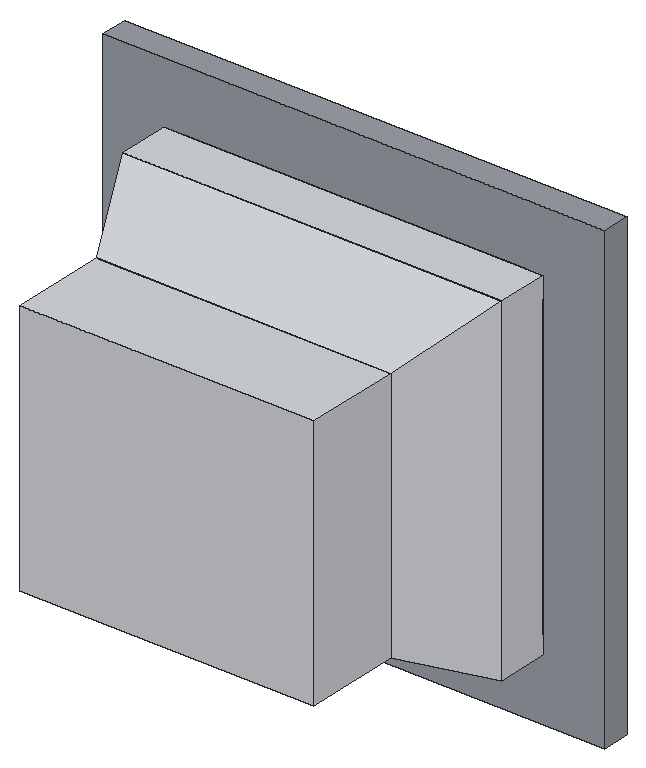
Revit family "BRG-GRF-DCH_Dub+íi Jet de Ducha Cromo", category Aparatos sanitarios, Revit 2020
Family settings
  Anfitrión = Muro
  Cota de conector redondo = Diámetro de uso
  Tipo de pieza = Normal
  Número OmniClass = 23.45.00.00
  Título OmniClass = Sanitary, Laundry, and Cleaning Equipment
  Siempre vertical = Sí
  Corte con vacíos al cargar = No
  Compartido = No
  Punto de cálculo de habitación = No
Parameters (values of type "DUBÁI JET PARA DUCHA")
  _EDESA_ Tipo de instalación = "Empotrado a la pared"
  _EDESA_ Sku/código = "SG0050043061CW"
  _EDESA_ Página web = ""
  _EDESA_ Profundidad en cm = "7.2"
  _EDESA_ Productos necesarios para instalación = "Mezcladora de ducha"
  _EDESA_ Productos incluídos = ""
  _EDESA_ Peso en kg = ""
  _EDESA_ Nombre = "DUBÁI JET PARA DUCHA"
  _EDESA_ Materiales = "Latón"
  _EDESA_ Garantía = "De por vida para el cuerpo principal y acabado en cromo (306)"
  _EDESA_ Distancia de instalación en cm (muro terminado) = ""
  _EDESA_ Descripción = "Jet para ducha. Diseño ultramoderno con tecnología de vanguardia"
  _EDESA_ Cumple normativa ADA = ""
  _EDESA_ Contacto comercial = "(02) 395 2900"
  _EDESA_ Consumo/capacidad de agua en L = "9.5 litros por minuto / 2.5 gpm"
  _EDESA_ Conexión hidráulica = "Entrada de agua: tubería ø 1/2\""
  _EDESA_ Color = "cromo"
  _EDESA_ Certificación = "Cumple con norma NTE - INEN 3123 basada en la norma ASME 112.18.1 - 2012."
  _EDESA_ Categoría = "Productos > Grifería > Ducha"
  _EDESA_ BIM Manager = "Arq. Milton Ruano"
  _EDESA_ Autor BIM = "www.bimplus.com.ec (bimplus.arquitectura.integrada@gmail.com)"
  _EDESA_ Ancho en cm = "13"
  _EDESA_ Alto en cm = "12"
  URL = "https://www.briggs.com.ec/productos/fichastecnicaspdf/Briggs/Griferia/Dubai_jet_ducha.pdf"
  Modelo = "DUBÁI JET PARA DUCHA"
  Fabricante = "BRIGGS Ecuador"
  Elevación por defecto = 0.00 m
Reference planes (m)
  plane 1: y = 0
  plane 2 "Centro (Izquierda/Derecha)": x = 0.125
  plane 3 "Posterior": y = 0.075
Text (m)
  text "Cara de colocación" at (-1.787139, 0.59235, 0), in view "Nivel de referencia"
  text "Cara de colocación" at (0, 1.827695, 2.917686), in view "Izquierda"
  text "Cara de colocación" at (0, 0.562268, 3.853606), in view "Derecha"
Dimensions and locks (m)
  locked: plane 3 "Posterior" to host wall
  aligned and locked: host wall to plane 1
  aligned and locked: plane 3 "Posterior" to nested 1
  aligned and locked: nested 1 to plane 2 "Centro (Izquierda/Derecha)"
Nested families (m)
  nested 1: "Familia1" at (0.125, 0.075, 0), type "Familia1"
Connectors (m)
  piping at (0.087, 0.027, 0.6), diameter 0.0125
    settings: on nested 1, index 1, connector inside diameter 609.6 mm, connector length 0.00 m, flow factor 0, pipe flow 0.0 L/s, pressure drop 0.0 Pa, fitting loss kfactor 0, connector angle 0.00°, fixture units 0, engagement length 0.00 m, angle of deflection 0.00°, flow configuration 0, flow direction 0, fitting loss method 0, system type 7, joint type 0, gender type 0, connector reference index -1, connector utility 0, adjustable connector no, is connector primary yes, connector description ""
  piping at (0.125, 0.027, 0.633), diameter 0.0125
    settings: on nested 1, index 2, connector inside diameter 609.6 mm, connector length 0.00 m, flow factor 0, pipe flow 0.0 L/s, pressure drop 0.0 Pa, fitting loss kfactor 0, connector angle 0.00°, fixture units 0, engagement length 0.00 m, angle of deflection 0.00°, flow configuration 0, flow direction 0, fitting loss method 0, system type 7, joint type 0, gender type 0, connector reference index -1, connector utility 0, adjustable connector no, is connector primary no, connector description ""
Definition of nested family "Familia1"
  Parameters
    Default Elevation = 0.00 m
  Reference planes (m)
    plane 1 "Centro (Frontal/Posterior)": y = 0
    plane 2: z = 0
    plane 3 "Centro (Izquierda/Derecha)": x = 0
  Forms (m)
    Extrusion 1, solid
      sketch origin (0.125, 0.065, 0) x (0, 0, -1) y (-1, 0, 0)
        loop
          line (-0.66, 0.06) -> (-0.54, 0.06) -> (-0.54, 0.19) -> (-0.66, 0.19) -> (-0.66, 0.06)
        loop
          line (-0.644, 0.169) -> (-0.644, 0.081)
          arc (-0.644, 0.081) -> (-0.642536, 0.077464) -> (-0.639, 0.076) r 0.005
          line (-0.639, 0.076) -> (-0.561, 0.076)
          arc (-0.561, 0.076) -> (-0.557464, 0.077464) -> (-0.556, 0.081) r 0.005
          line (-0.556, 0.081) -> (-0.556, 0.169)
          arc (-0.556, 0.169) -> (-0.557464, 0.172536) -> (-0.561, 0.174) r 0.005
          line (-0.561, 0.174) -> (-0.639, 0.174)
          arc (-0.639, 0.174) -> (-0.642536, 0.172536) -> (-0.644, 0.169) r 0.005
      from -0.065 to -0.07203
    Extrusion 2, solid
      sketch origin (0.125, 0.065, 0) x (0, 0, -1) y (-1, 0, 0)
        loop
          line (-0.64, 0.08) -> (-0.56, 0.08) -> (-0.56, 0.17) -> (-0.64, 0.17) -> (-0.64, 0.08)
      from -0.065 to -0.07203
    Extrusion 3, solid
      sketch origin (0.125, 0.065, 0) x (0, 0, -1) y (-1, 0, 0)
        loop
          circle (-0.572, 0.161) r 0.002
        loop
          circle (-0.572, 0.161) r 0.001031
      from -0.07203 to -0.074386
    Extrusion 4, solid
      sketch origin (0.137, 0.065, 0) x (0, 0, -1) y (-1, 0, 0)
        loop
          circle (-0.572, 0.161) r 0.002
        loop
          circle (-0.572, 0.161) r 0.001031
      from -0.07203 to -0.074386
    Extrusion 5, solid
      sketch origin (0.149, 0.065, 0) x (0, 0, -1) y (-1, 0, 0)
        loop
          circle (-0.572, 0.161) r 0.002
        loop
          circle (-0.572, 0.161) r 0.001031
      from -0.07203 to -0.074386
    Extrusion 6, solid
      sketch origin (0.161, 0.065, 0) x (0, 0, -1) y (-1, 0, 0)
        loop
          circle (-0.572, 0.161) r 0.002
        loop
          circle (-0.572, 0.161) r 0.001031
      from -0.07203 to -0.074386
    Extrusion 7, solid
      sketch origin (0.173, 0.065, 0) x (0, 0, -1) y (-1, 0, 0)
        loop
          circle (-0.572, 0.161) r 0.002
        loop
          circle (-0.572, 0.161) r 0.001031
      from -0.07203 to -0.074386
    Extrusion 8, solid
      sketch origin (0.185, 0.065, 0) x (0, 0, -1) y (-1, 0, 0)
        loop
          circle (-0.572, 0.161) r 0.002
        loop
          circle (-0.572, 0.161) r 0.001031
      from -0.07203 to -0.074386
    Extrusion 9, solid
      sketch origin (0.197, 0.065, 0) x (0, 0, -1) y (-1, 0, 0)
        loop
          circle (-0.572, 0.161) r 0.002
        loop
          circle (-0.572, 0.161) r 0.001031
      from -0.07203 to -0.074386
    Extrusion 10, solid
      sketch origin (0.125, 0.065, 0.014) x (0, 0, -1) y (-1, 0, 0)
        loop
          circle (-0.572, 0.161) r 0.002
        loop
          circle (-0.572, 0.161) r 0.001031
      from -0.07203 to -0.074386
    Extrusion 11, solid
      sketch origin (0.137, 0.065, 0.014) x (0, 0, -1) y (-1, 0, 0)
        loop
          circle (-0.572, 0.161) r 0.002
        loop
          circle (-0.572, 0.161) r 0.001031
      from -0.07203 to -0.074386
    Extrusion 12, solid
      sketch origin (0.149, 0.065, 0.014) x (0, 0, -1) y (-1, 0, 0)
        loop
          circle (-0.572, 0.161) r 0.002
        loop
          circle (-0.572, 0.161) r 0.001031
      from -0.07203 to -0.074386
    Extrusion 13, solid
      sketch origin (0.161, 0.065, 0.014) x (0, 0, -1) y (-1, 0, 0)
        loop
          circle (-0.572, 0.161) r 0.002
        loop
          circle (-0.572, 0.161) r 0.001031
      from -0.07203 to -0.074386
    Extrusion 14, solid
      sketch origin (0.173, 0.065, 0.014) x (0, 0, -1) y (-1, 0, 0)
        loop
          circle (-0.572, 0.161) r 0.002
        loop
          circle (-0.572, 0.161) r 0.001031
      from -0.07203 to -0.074386
    Extrusion 15, solid
      sketch origin (0.185, 0.065, 0.014) x (0, 0, -1) y (-1, 0, 0)
        loop
          circle (-0.572, 0.161) r 0.002
        loop
          circle (-0.572, 0.161) r 0.001031
      from -0.07203 to -0.074386
    Extrusion 16, solid
      sketch origin (0.197, 0.065, 0.014) x (0, 0, -1) y (-1, 0, 0)
        loop
          circle (-0.572, 0.161) r 0.002
        loop
          circle (-0.572, 0.161) r 0.001031
      from -0.07203 to -0.074386
    Extrusion 17, solid
      sketch origin (0.125, 0.065, 0.028) x (0, 0, -1) y (-1, 0, 0)
        loop
          circle (-0.572, 0.161) r 0.002
        loop
          circle (-0.572, 0.161) r 0.001031
      from -0.07203 to -0.074386
    Extrusion 18, solid
      sketch origin (0.137, 0.065, 0.028) x (0, 0, -1) y (-1, 0, 0)
        loop
          circle (-0.572, 0.161) r 0.002
        loop
          circle (-0.572, 0.161) r 0.001031
      from -0.07203 to -0.074386
    Extrusion 19, solid
      sketch origin (0.149, 0.065, 0.028) x (0, 0, -1) y (-1, 0, 0)
        loop
          circle (-0.572, 0.161) r 0.002
        loop
          circle (-0.572, 0.161) r 0.001031
      from -0.07203 to -0.074386
    Extrusion 20, solid
      sketch origin (0.173, 0.065, 0.028) x (0, 0, -1) y (-1, 0, 0)
        loop
          circle (-0.572, 0.161) r 0.002
        loop
          circle (-0.572, 0.161) r 0.001031
      from -0.07203 to -0.074386
    Extrusion 21, solid
      sketch origin (0.185, 0.065, 0.028) x (0, 0, -1) y (-1, 0, 0)
        loop
          circle (-0.572, 0.161) r 0.002
        loop
          circle (-0.572, 0.161) r 0.001031
      from -0.07203 to -0.074386
    Extrusion 22, solid
      sketch origin (0.197, 0.065, 0.028) x (0, 0, -1) y (-1, 0, 0)
        loop
          circle (-0.572, 0.161) r 0.002
        loop
          circle (-0.572, 0.161) r 0.001031
      from -0.07203 to -0.074386
    Extrusion 23, solid
      sketch origin (0.125, 0.065, 0.042) x (0, 0, -1) y (-1, 0, 0)
        loop
          circle (-0.572, 0.161) r 0.002
        loop
          circle (-0.572, 0.161) r 0.001031
      from -0.07203 to -0.074386
    Extrusion 24, solid
      sketch origin (0.137, 0.065, 0.042) x (0, 0, -1) y (-1, 0, 0)
        loop
          circle (-0.572, 0.161) r 0.002
        loop
          circle (-0.572, 0.161) r 0.001031
      from -0.07203 to -0.074386
    Extrusion 25, solid
      sketch origin (0.149, 0.065, 0.042) x (0, 0, -1) y (-1, 0, 0)
        loop
          circle (-0.572, 0.161) r 0.002
        loop
          circle (-0.572, 0.161) r 0.001031
      from -0.07203 to -0.074386
    Extrusion 26, solid
      sketch origin (0.161, 0.065, 0.042) x (0, 0, -1) y (-1, 0, 0)
        loop
          circle (-0.572, 0.161) r 0.002
        loop
          circle (-0.572, 0.161) r 0.001031
      from -0.07203 to -0.074386
    Extrusion 27, solid
      sketch origin (0.173, 0.065, 0.042) x (0, 0, -1) y (-1, 0, 0)
        loop
          circle (-0.572, 0.161) r 0.002
        loop
          circle (-0.572, 0.161) r 0.001031
      from -0.07203 to -0.074386
    Extrusion 28, solid
      sketch origin (0.185, 0.065, 0.042) x (0, 0, -1) y (-1, 0, 0)
        loop
          circle (-0.572, 0.161) r 0.002
        loop
          circle (-0.572, 0.161) r 0.001031
      from -0.07203 to -0.074386
    Extrusion 29, solid
      sketch origin (0.197, 0.065, 0.042) x (0, 0, -1) y (-1, 0, 0)
        loop
          circle (-0.572, 0.161) r 0.002
        loop
          circle (-0.572, 0.161) r 0.001031
      from -0.07203 to -0.074386
    Extrusion 30, solid
      sketch origin (0.125, 0.065, 0.056) x (0, 0, -1) y (-1, 0, 0)
        loop
          circle (-0.572, 0.161) r 0.002
        loop
          circle (-0.572, 0.161) r 0.001031
      from -0.07203 to -0.074386
    Extrusion 31, solid
      sketch origin (0.137, 0.065, 0.056) x (0, 0, -1) y (-1, 0, 0)
        loop
          circle (-0.572, 0.161) r 0.002
        loop
          circle (-0.572, 0.161) r 0.001031
      from -0.07203 to -0.074386
    Extrusion 32, solid
      sketch origin (0.149, 0.065, 0.056) x (0, 0, -1) y (-1, 0, 0)
        loop
          circle (-0.572, 0.161) r 0.002
        loop
          circle (-0.572, 0.161) r 0.001031
      from -0.07203 to -0.074386
    Extrusion 33, solid
      sketch origin (0.161, 0.065, 0.056) x (0, 0, -1) y (-1, 0, 0)
        loop
          circle (-0.572, 0.161) r 0.002
        loop
          circle (-0.572, 0.161) r 0.001031
      from -0.07203 to -0.074386
    Extrusion 34, solid
      sketch origin (0.173, 0.065, 0.056) x (0, 0, -1) y (-1, 0, 0)
        loop
          circle (-0.572, 0.161) r 0.002
        loop
          circle (-0.572, 0.161) r 0.001031
      from -0.07203 to -0.074386
    Extrusion 35, solid
      sketch origin (0.185, 0.065, 0.056) x (0, 0, -1) y (-1, 0, 0)
        loop
          circle (-0.572, 0.161) r 0.002
        loop
          circle (-0.572, 0.161) r 0.001031
      from -0.07203 to -0.074386
    Extrusion 36, solid
      sketch origin (0.197, 0.065, 0.056) x (0, 0, -1) y (-1, 0, 0)
        loop
          circle (-0.572, 0.161) r 0.002
        loop
          circle (-0.572, 0.161) r 0.001031
      from -0.07203 to -0.074386
    Extrusion 37, solid
      sketch origin (0.125, 0.065, 0) x (0, 0, -1) y (-1, 0, 0)
        loop
          line (-0.644, 0.169) -> (-0.644, 0.081)
          arc (-0.644, 0.081) -> (-0.642536, 0.077464) -> (-0.639, 0.076) r 0.005
          line (-0.639, 0.076) -> (-0.561, 0.076)
          arc (-0.561, 0.076) -> (-0.557464, 0.077464) -> (-0.556, 0.081) r 0.005
          line (-0.556, 0.081) -> (-0.556, 0.169)
          arc (-0.556, 0.169) -> (-0.557464, 0.172536) -> (-0.561, 0.174) r 0.005
          line (-0.561, 0.174) -> (-0.639, 0.174)
          arc (-0.639, 0.174) -> (-0.642536, 0.172536) -> (-0.644, 0.169) r 0.005
        loop
          line (-0.64, 0.08) -> (-0.56, 0.08) -> (-0.56, 0.17) -> (-0.64, 0.17) -> (-0.64, 0.08)
      from -0.065 to -0.07203
    Extrusion 38, solid
      sketch origin (0.125, 0.065, 0) x (0, 0, -1) y (-1, 0, 0)
        loop
          line (-0.633, 0.163) -> (-0.633, 0.087) -> (-0.567, 0.087) -> (-0.567, 0.163) -> (-0.633, 0.163)
      from -0.0045 to -0.0295
    Extrusion 39, solid
      sketch origin (0.125, 0.065, 0) x (0, 0, -1) y (-1, 0, 0)
        loop
          line (-0.644, 0.174) -> (-0.644, 0.076) -> (-0.556, 0.076) -> (-0.556, 0.174) -> (-0.644, 0.174)
      from -0.0515 to -0.065
    Blend 40, solid
      base sketch origin (0.125, 0.065, 0) x (0, 0, -1) y (-1, 0, 0)
        loop
          line (-0.633, 0.163) -> (-0.633, 0.087) -> (-0.567, 0.087) -> (-0.567, 0.163) -> (-0.633, 0.163)
      top sketch origin (0.125, 0.065, 0) x (0, 0, -1) y (-1, 0, 0)
        loop
          line (-0.644, 0.174) -> (-0.644, 0.076) -> (-0.556, 0.076) -> (-0.556, 0.174) -> (-0.644, 0.174)
      from -0.0295 to -0.0515
  Dimensions and locks (m)
    aligned and locked: level to plane 2
